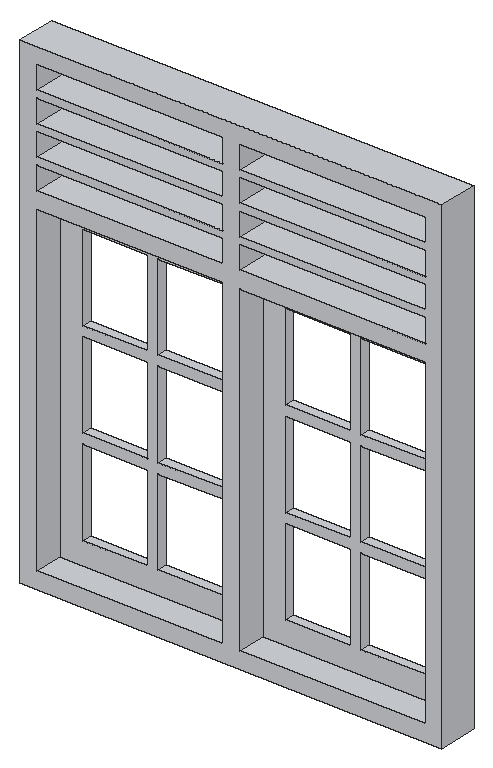
Revit family "WindowDoublePanelBv", category Windows, host Wall, Revit 2022
Family settings
  Host = Wall
  OmniClass Number = 23.30.20.00
  OmniClass Title = Windows
  Always vertical = Yes
  Cut with Voids When Loaded = No
  Shared = No
  Room Calculation Point = No
Parameters
  panelWidth = (Width / 2) - (frameThickness / 2) - frameThickness  # 575 mm
  panelHeight = Height - bvHeight - (2 * frameThickness)  # 1000 mm
  panelElevation = Default Sill Height + frameThickness  # 1550 mm
  frameWidth = 120 mm
  frameThickness = 50 mm
  bvPlank = 20 mm
  bvHeight = 400 mm
  Height = 1500 mm
  Default Sill Height = 1500 mm
  Wall Closure = By host
  Width = 1300 mm
Reference planes
  plane 1 "Center (Front/Back)": y = 0
  plane 2 "Center (Left/Right)": x = 0
  plane 3 "Left": x = -650
  plane 4 "Right": x = 650
  plane 5 "Sill": z = 1500
  plane 6 "Head": z = 3000
  plane 7 "Exterior": y = 103.095
  plane 8 "Interior": y = -96.905
  plane 9: z = 2600
  plane 10: z = 2550
  plane 11: x = 25
  plane 12: x = -25
  plane 13: z = 2950
  plane 14: z = 1550
  plane 15: x = -600
  plane 16: x = 600
  plane 17 "frameOut": y = 60
  plane 18 "frameIn": y = -60
  plane 19: z = 2867.5
  plane 20: z = 2775
  plane 21: z = 2682.5
  plane 22: z = 2970
  plane 23: z = 2960
  plane 24: z = 2580
  plane 25: z = 2590
  plane 26: x = -312.5
  plane 27: x = 312.5
Forms (mm)
  Extrusion 1, solid
    sketch origin (0, 0, 0) x (1, 0, 0) y (0, 0, 1)
      loop
        line (-650, 3000) -> (-650, 1500) -> (650, 1500) -> (650, 3000) -> (-650, 3000)
      loop
        line (-600, 2950) -> (-600, 2877.5) -> (-25, 2877.5) -> (-25, 2950) -> (-600, 2950)
      loop
        line (600, 1550) -> (600, 2550) -> (25, 2550) -> (25, 1550) -> (600, 1550)
      loop
        line (-600, 2600) -> (-25, 2600) -> (-25, 2672.5) -> (-600, 2672.5) -> (-600, 2600)
      loop
        line (-600, 2550) -> (-600, 1550) -> (-25, 1550) -> (-25, 2550) -> (-600, 2550)
      loop
        line (25, 2950) -> (25, 2877.5) -> (600, 2877.5) -> (600, 2950) -> (25, 2950)
      loop
        line (25, 2600) -> (600, 2600) -> (600, 2672.5) -> (25, 2672.5) -> (25, 2600)
      loop
        line (-600, 2857.5) -> (-600, 2785) -> (-25, 2785) -> (-25, 2857.5) -> (-600, 2857.5)
      loop
        line (-600, 2765) -> (-600, 2692.5) -> (-25, 2692.5) -> (-25, 2765) -> (-600, 2765)
      loop
        line (25, 2857.5) -> (25, 2785) -> (600, 2785) -> (600, 2857.5) -> (25, 2857.5)
      loop
        line (25, 2765) -> (25, 2692.5) -> (600, 2692.5) -> (600, 2765) -> (25, 2765)
    from -60 to 60
Lines and regions (mm)
  Opening 1
    outline origin (3500, -96.905, 0) x (1, 0, 0) y (0, 0, 1)
      loop
        line (-2850, 1500) -> (-2850, 3000) -> (-4150, 3000) -> (-4150, 1500) -> (-2850, 1500)
Text (mm)
  text "Exterior" at (-1963.203, 1332.353, 0), in view "Ref. Level"
  text "Interior" at (-1981.466, -818.386, 0), in view "Ref. Level"
  text "Exterior" at (0, 923.751, 2943.296), in view "Right"
  text "Exterior" at (0, 1040.484, 2685.409), in view "Left"
Dimensions and locks
  equal spacing: plane 3 "Left", plane 2 "Center (Left/Right)", plane 4 "Right"
  "Width": plane 3 "Left" to plane 4 "Right"
  "Height": plane 5 "Sill" to plane 6 "Head"
  "Default Sill Height": plane 5 "Sill" to level
  locked: plane 7 "Exterior" to host wall
  locked: plane 8 "Interior" to host wall
  "frameThickness": plane 3 "Left" to plane 15
  equal spacing: plane 12, plane 2 "Center (Left/Right)", plane 11
  "frameThickness": plane 12 to plane 11
  "frameThickness": plane 16 to plane 4 "Right"
  plane 9 to plane 5 "Sill" = 1100 mm
  "bvHeight": plane 6 "Head" to plane 9
  "frameThickness": plane 6 "Head" to plane 13
  "frameThickness": plane 9 to plane 10
  "frameThickness": plane 14 to plane 5 "Sill"
  equal spacing: plane 17 "frameOut", plane 1 "Center (Front/Back)", plane 18 "frameIn"
  "frameWidth": plane 17 "frameOut" to plane 18 "frameIn"
  equal spacing: Extrusion 1 sketch curve, plane 19, Extrusion 1 sketch curve
  "bvPlank": Extrusion 1 sketch curve to Extrusion 1 sketch curve  (x3)
  equal spacing: Extrusion 1 sketch curve, plane 20, Extrusion 1 sketch curve
  equal spacing: Extrusion 1 sketch curve, plane 21, Extrusion 1 sketch curve
  equal spacing: plane 9, plane 25, plane 24
  "bvPlank": plane 9 to plane 24
  equal spacing: plane 22, plane 23, plane 13
  "bvPlank": plane 22 to plane 13
  equal spacing: plane 23, plane 19, plane 20, plane 21, plane 25
  equal spacing: plane 12, plane 26, plane 15
  equal spacing: plane 16, plane 27, plane 11
  aligned and locked: plane 4 "Right" to Extrusion 1 sketch curve
  aligned and locked: plane 6 "Head" to Extrusion 1 sketch curve
  aligned and locked: Extrusion 1 sketch curve to plane 3 "Left"
  aligned and locked: Extrusion 1 sketch curve to plane 5 "Sill"
  aligned and locked: plane 14 to Extrusion 1 sketch curve  (x2)
  aligned and locked: Extrusion 1 sketch curve to plane 10  (x2)
  aligned and locked: Extrusion 1 sketch curve to plane 13
  aligned and locked: Extrusion 1 sketch curve to plane 9
  aligned and locked: plane 17 "frameOut" to Extrusion 1
  aligned and locked: Extrusion 1 to plane 18 "frameIn"
  aligned and locked: Extrusion 1 sketch curve to plane 15  (x5)
  aligned and locked: Extrusion 1 sketch curve to plane 16  (x4)
  aligned and locked: plane 12 to Extrusion 1 sketch curve  (x5)
  aligned and locked: Extrusion 1 sketch curve to plane 11  (x5)
  aligned and locked: Extrusion 1 sketch curve to Extrusion 1 sketch curve  (x4)
  aligned and locked: plane 26 to nested 1
  aligned and locked: plane 27 to nested 2
  aligned and locked: nested 1 to plane 17 "frameOut"
  aligned and locked: nested 2 to plane 17 "frameOut"
Automatic sketch dimensions
  Opening 1 sketch curve to plane 3 "Left" = 0 mm
  Opening 1 sketch curve to plane 4 "Right" = 0 mm
  Opening 1 sketch curve to plane 5 "Sill" = 0 mm
  Opening 1 sketch curve to plane 6 "Head" = 0 mm
  Extrusion 1 sketch curve to plane 16 = 0 mm
  Extrusion 1 sketch curve to plane 13 = 0 mm
  Extrusion 1 sketch curve to plane 21 = 10 mm
  Extrusion 1 sketch curve to plane 20 = 10 mm
  Extrusion 1 sketch curve to plane 19 = 10 mm
Nested families
  nested 1: "windowPanel" at (-312.5, 60, 1550), Height <- "panelHeight", Width <- "panelWidth", built-in parameter 1001360 <- "panelElevation", type "windowPanel"
    with miniframeWidth 30 mm, frameWidth 70 mm, Width 575 mm, Height 1000 mm
  nested 2: "windowPanel" at (312.5, 60, 1550), Height <- "panelHeight", Width <- "panelWidth", built-in parameter 1001360 <- "panelElevation", type "windowPanel"
    with miniframeWidth 30 mm, frameWidth 70 mm, Width 575 mm, Height 1000 mm
Definition of nested family "windowPanel"
  Parameters (values of type "windowPanel")
    miniframeWidth [instance] = 30 mm
    frameWidth [instance] = 70 mm
    frameThickness = 30 mm
    Width [instance] = 700 mm
    Height [instance] = 1100 mm
    Default Elevation = 0 mm
  Reference planes
    plane 1 "Center (Front/Back)": y = 0
    plane 2: z = 0
    plane 3 "Center (Left/Right)": x = 0
    plane 4: z = 550
    plane 5: z = 1100
    plane 6: z = 715
    plane 7: z = 385
    plane 8: z = 730
    plane 9: z = 700
    plane 10: z = 400
    plane 11: z = 370
    plane 12: z = 1045
    plane 13: z = 1060
    plane 14: z = 1030
    plane 15: z = 55
    plane 16: z = 70
    plane 17: z = 40
    plane 18: x = 350
    plane 19: x = -350
    plane 20: x = 280
    plane 21: x = -280
    plane 22: x = -15
    plane 23: x = 15
    plane 24: y = -15
    plane 25: y = -30
  Forms (mm)
    Extrusion 1, solid
      sketch origin (0, 0, 0) x (1, 0, 0) y (0, 0, 1)
        loop
          line (-350, 0) -> (350, 0) -> (350, 1100) -> (-350, 1100) -> (-350, 0)
        loop
          line (-280, 1030) -> (-280, 730) -> (-15, 730) -> (-15, 1030) -> (-280, 1030)
        loop
          line (-280, 70) -> (-15, 70) -> (-15, 370) -> (-280, 370) -> (-280, 70)
        loop
          line (280, 1030) -> (15, 1030) -> (15, 730) -> (280, 730) -> (280, 1030)
        loop
          line (-280, 400) -> (-15, 400) -> (-15, 700) -> (-280, 700) -> (-280, 400)
        loop
          line (15, 70) -> (280, 70) -> (280, 370) -> (15, 370) -> (15, 70)
        loop
          line (280, 700) -> (15, 700) -> (15, 400) -> (280, 400) -> (280, 700)
      from 0 to 30
  Dimensions and locks
    equal spacing: plane 12, plane 6, plane 7, plane 15
    equal spacing: plane 13, plane 12, plane 14
    "miniframeWidth": plane 13 to plane 14
    equal spacing: plane 8, plane 6, plane 9
    "miniframeWidth": plane 8 to plane 9
    equal spacing: plane 10, plane 7, plane 11
    "miniframeWidth": plane 10 to plane 11
    equal spacing: plane 16, plane 15, plane 17
    "miniframeWidth": plane 16 to plane 17
    equal spacing: plane 5, plane 4, plane 2
    "Height": plane 5 to plane 2
    equal spacing: plane 18, plane 3 "Center (Left/Right)", plane 19
    "Width": plane 18 to plane 19
    "frameWidth": plane 5 to plane 14
    "frameWidth": plane 16 to plane 2
    "frameWidth": plane 18 to plane 20
    "frameWidth": plane 21 to plane 19
    equal spacing: plane 23, plane 3 "Center (Left/Right)", plane 22
    "miniframeWidth": plane 23 to plane 22
    equal spacing: plane 25, plane 24, plane 1 "Center (Front/Back)"
    "frameThickness": plane 25 to plane 1 "Center (Front/Back)"
    aligned and locked: level to plane 2
    aligned and locked: Extrusion 1 sketch curve to plane 2
    aligned and locked: Extrusion 1 sketch curve to plane 19
    aligned and locked: Extrusion 1 sketch curve to plane 21  (x3)
    aligned and locked: Extrusion 1 sketch curve to plane 22  (x3)
    aligned and locked: Extrusion 1 sketch curve to plane 16
    aligned and locked: Extrusion 1 sketch curve to plane 20  (x3)
    aligned and locked: Extrusion 1 sketch curve to plane 18
    aligned and locked: Extrusion 1 sketch curve to plane 11  (x2)
    aligned and locked: Extrusion 1 sketch curve to plane 10  (x2)
    aligned and locked: Extrusion 1 sketch curve to plane 9  (x2)
    aligned and locked: Extrusion 1 sketch curve to plane 8  (x2)
    aligned and locked: Extrusion 1 sketch curve to plane 14  (x2)
    aligned and locked: Extrusion 1 sketch curve to plane 5
    aligned and locked: Extrusion 1 sketch curve to plane 23  (x3)
    aligned and locked: Extrusion 1 to plane 1 "Center (Front/Back)"
    aligned and locked: Extrusion 1 to plane 25
  Automatic sketch dimensions
    Extrusion 1 sketch curve to plane 16 = 0 mm
